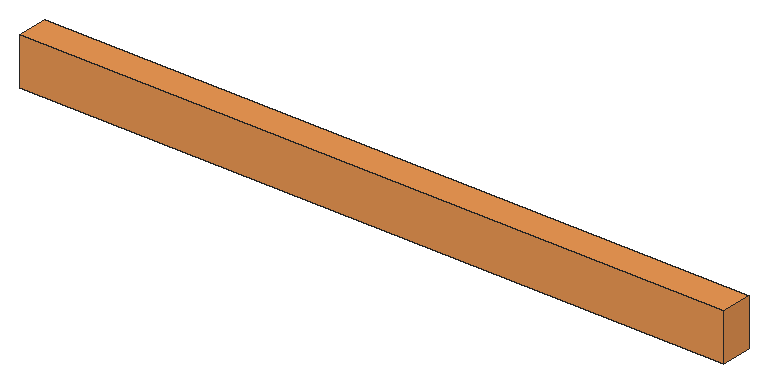
Revit family "BD_Busduct Horizontal Section 800A", category Electrical Equipment, Revit 2025
Family settings
  Panel Configuration = Two Columns, Circuits Across
  Round Connector Dimension = Use Diameter
  Part Type = Panelboard
  OmniClass Number = 23.80.30.11.17
  OmniClass Title = Distribution Boards and Control Panels
  Work Plane-Based = No
  Always vertical = Yes
  Cut with Voids When Loaded = No
  Maintain Annotation Orientation = No
  Shared = No
  Room Calculation Point = No
Parameters (values of type "800A 4P+PE Cu")
  built-in parameter 1140142 [instance] = -1
  Section Length [instance] = 3000 mm
  built-in parameter 1140140 [instance] = 1 (stored number, unit not read)
  built-in parameter 1155100 [instance] = -1
  Default Elevation = 0 mm
Reference planes
  plane 1 "Center (Front/Back)": y = 0
  plane 2: z = 0
  plane 3 "Center (Left/Right)": x = 0
Forms (mm)
  Extrusion 1, solid, material "Busduct Housing - Orange"
    sketch origin (0, 0, 0) x (0, 1, 0) y (0, 0, 1)
      loop
        line (-65, -100) -> (65, -100) -> (65, 100) -> (-65, 100) -> (-65, -100)
    from 0 to 3000 <- "Section Length"
Dimensions and locks
  aligned and locked: level to plane 2
